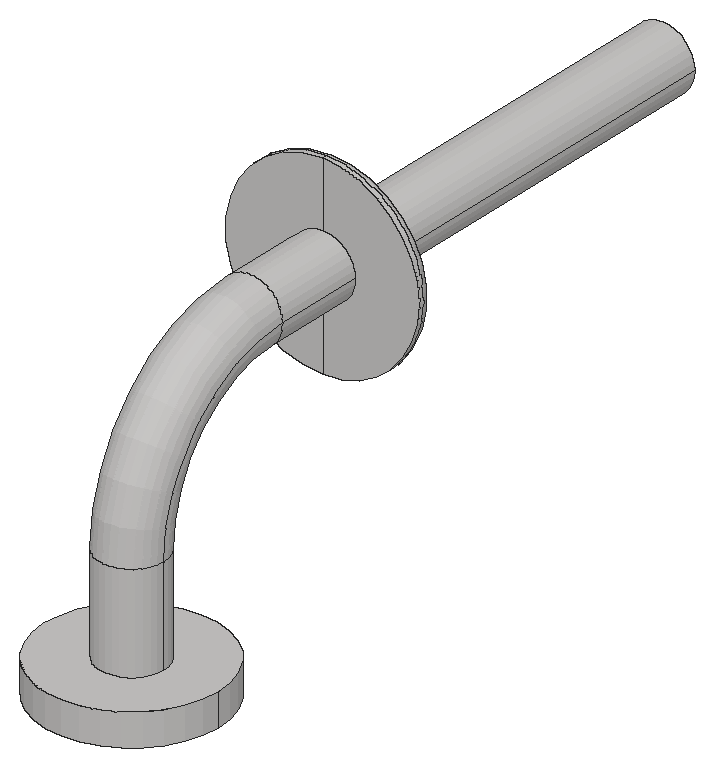
Revit family "Furniture_GroheLimited_EssentialsReserveToiletPaperHolder_40385000_METRICa", category Furniture, host Face, Revit 2015
Parameters (values of type "40385000")
  _DistributedBy = "www.bimstore.co.uk"
  _CurrentRevision = 1
  _CreatedBy = "www.bimstore.co.uk"
  _BimSpecGuid = 0
  _BSBibleVersion = 14
  _AuthorizedBy = "Kris Atkinson"
  _Author = "Ryan Lashley"
  WarrantyStartDate [instance] = "Please Record On Commissioning."
  WarrantyGuarantorParts = "info-uk@grohe.com"
  WarrantyGuarantorLabor = "info-uk@grohe.com"
  WarrantyDurationUnit = "Years"
  WarrantyDurationParts = "n/a"
  WarrantyDurationLabor = "n/a"
  WarrantyDescription = "n/a"
  URL = "www.grohe.com"
  TypeName = Model  # "Essentials Spare Toilet Roll Holder "
  Type Comments = "40385000"
  ToiletPaper = Grohe-Toilet Paper
  SpareParts = "n/a"
  Size = "n/a"
  Shape = "n/a"
  SerialNumber [instance] = "Please Record On Commissioning."
  ReplacementCost = "n/a"
  ReferencedStandard = "n/a"
  ProductionYear = "2017"
  ProductPageURL = "http://www.grohe.com/ca-en/6434/bathroom/bathroom-faucets/concetto/product-details/?product=40385-G163&color=000&material=40385000"
  ProductDocumentationLink = "http://www.grohe.com/ca-en/6434/bathroom/bathroom-faucets/concetto/product-details/?product=40385-G163&color=000&material=40385000#"
  PrimaryMaterial = GroheLimited-Chorme
  Width = 54 mm
  PaperRoll [instance] = no
  Length = 232.5 mm
  Height = 96 mm
  PercentageOfRecycledContent = "n/a"
  NominalLength = 232.5 mm
  NominalHeight = 96 mm
  NominalDepth = 54 mm
  NBSReference = "45-35-72/368"
  NBSOfficeMasterTag = "n/a"
  NBSObjectName = "Grohe Limited - Toilet roll holders"
  NBSNote = ""
  NBSDescription = "Toilet roll holders"
  ModelReference = Model  # "Essentials Spare Toilet Roll Holder "
  ModelNumber = Type Comments  # "40385000"
  Model = "Essentials Spare Toilet Roll Holder "
  Material = "Chrome"
  MasterformatTitle = "Residential Faucets, Supplies, and Trim"
  MasterformatNumber = "22 41 39"
  ManufacturerName = "Grohe Limited"
  Manufacturer = "Grohe Limited"
  LowEmittingMaterial = no
  LEEDCredit = "n/a"
  Keynote = "N13"
  InstallationDate [instance] = "Please Record On Commissioning."
  IndustryStandards = "n/a"
  IfcExportType = "IfcPipeFittingType"
  IfcExportAs = "IfcPipeFitting"
  Grade = "n/a"
  Finish = Material  # "Chrome"
  Features = Description  # "Essentials - Reserve toilet paper holder"
  ExpectedLife = 0
  Ecojoy = no
  DurationUnit = "Years"
  DocumentationTechnical = "n/a"
  DocumentationMaintenance = "n/a"
  DocumentationLiterature = "n/a"
  DocumentationInstallationGuide = "n/a"
  DocumentationCertificates = "n/a"
  Description = "Essentials - Reserve toilet paper holder"
  Default Elevation = 0 mm
  CreatedOn = "2017-06-01T09:00:00"
  CreatedBy = "info-uk@grohe.com"
  Cost = 0
  Constituents = "n/a"
  Color = Material  # "Chrome"
  CodePerformance = "n/a"
  ClassificationValue = "Pr_40_20_76_88"
  ClassificationName = "Uniclass2015"
  BarCode [instance] = "Please Record On Commissioning."
  BIMObjectName = "Furniture_GroheLimited_EssentialsReserveToiletPaperHolder_40385000_METRIC"
  AssetType = "Fixed"
  AssetIdentifier [instance] = "Please Record On Commissioning."
  Assembly Code = "C1030220"
  AccessibilityPerformance = "n/a"
  ADACompliant = no
Types (10, lengths in mm): name | Type Comments | PrimaryMaterial | ModelNumber | Material | Finish | Color
  (no name) | "40385000" | GroheLimited-Chorme | "40385000" | "Chrome" | "Chrome" | "Chrome"
  40385000 | "40385000" | GroheLimited-Chorme | "40385000" | "Chrome" | "Chrome" | "Chrome"
  40385A01 | "40385A01" | GroheLimited-HardGraphite | "40385A01" | "Hard Graphite" | "Hard Graphite" | "Hard Graphite"
  40385AL1 | "40385AL1" | GroheLimited-BrushedHardGraphite | "40385AL1" | "Brushed Hard Graphite" | "Brushed Hard Graphite" | "Brushed Hard Graphite"
  40385BE1 | "40385BE1" | GroheLimited-Nickel | "40385BE1" | "Nickel" | "Nickel" | "Nickel"
  40385DA1 | "40385DA1" | GroheLimited-WarmSunset | "40385DA1" | "Warm Sunset" | "Warm Sunset" | "Warm Sunset"
  40385DL1 | "40385DL1" | GroheLimited-BrushedWarmSunset | "40385DL1" | "Brushed Warm Sunset" | "Brushed Warm Sunset" | "Brushed Warm Sunset"
  40385EN1 | "40385EN1" | GroheLimited-BrushedNickel | "40385EN1" | "Brushed Nickel" | "Brushed Nickel" | "Brushed Nickel"
  40385GL1 | "40385GL1" | GroheLimited-CoolSunrise | "40385GL1" | "Cool Sunrise" | "Cool Sunrise" | "Cool Sunrise"
  40385GN1 | "40385GN1" | GroheLimited-BrushedCoolSunrise | "40385GN1" | "Brushed Cool Sunrise" | "Brushed Cool Sunrise" | "Brushed Cool Sunrise"
Reference planes
  plane 1 "Center (Front/Back)": y = 0
  plane 2: z = 0
  plane 3 "Center (Left/Right)": x = 0
  plane 4: z = 0
Forms (mm)
  Extrusion 1, solid, material "GroheLimited-Chorme" <- "PrimaryMaterial"
    sketch origin (0, 0, 0) x (1, 0, 0) y (0, 1, 0)
      loop
        circle (0, 0) r 27
    from 0 to 10
  Sweep 2, solid, material "GroheLimited-Chorme" <- "PrimaryMaterial", detail levels medium+fine
    path origin (0, 0, 0) x (0, 1, 0) y (0, 0, 1)
      loop
        line (0, 10) -> (0, 40)
        arc (0, 40) -> (13.473, 72.527) -> (46, 86) r 46
        line (46, 86) -> (205.5, 86)
    profile origin (0, 125.75, 86) x (0, 0, 1) y (1, 0, 0)
      loop
        circle (0, 0) r 10
  Revolve 3, solid, material "GroheLimited-Chorme" <- "PrimaryMaterial", detail levels medium+fine
    sketch origin (0, 0, 0) x (0, 1, 0) y (0, 0, 1)
      loop
        line (78.5, 86) -> (78.5, 113)
        arc (78.5, 113) -> (77.621, 115.121) -> (75.5, 116) r 3
        line (75.5, 116) -> (74, 116) -> (74, 86) -> (78.5, 86)
      axis (78.5, 86) -> (74, 86)
    angle from 0 to 360
  Extrusion 4, solid, material "Grohe-Toilet Paper" <- "ToiletPaper", visible <- "PaperRoll", detail levels medium+fine
    sketch origin (0, 0, 0) x (1, 0, 0) y (0, 0, 1)
      loop
        arc (-44.721, 108.361) -> (41.294, 57.807) -> (-37.111, 119.508) r 50
        spline (-37.111, 119.508) -> (-37.07, 120.293) -> (-37.056, 121.06) -> (-37.07, 121.809) -> (-37.113, 122.54) -> (-37.185, 123.253) -> (-37.286, 123.948) -> (-37.418, 124.626) -> (-37.581, 125.286) -> (-37.776, 125.926) -> (-38.004, 126.546) -> (-38.265, 127.145) -> (-38.559, 127.723)
        line (-38.559, 127.723) -> (-43.389, 126.429)
        arc (-43.389, 126.429) -> (-42.271, 117.263) -> (-44.721, 108.361) r 23.824
      loop
        circle (0, 86) r 17
    from -196.134 to -78.5
Dimensions and locks
  aligned and locked: plane 2 to host face
  aligned and locked: level to host face
